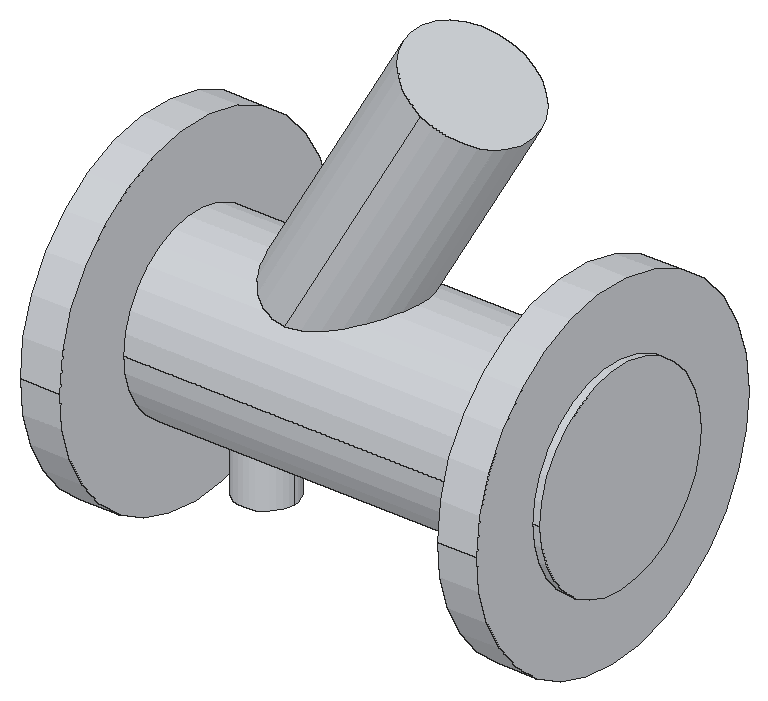
Revit family "HS 821-síto_standard-PN40-DN025-RFA_2019", category Pipe Accessories, Revit 2019
Family settings
  Round Connector Dimension = Use Diameter
  Part Type = Breaks Into
  Work Plane-Based = No
  Always vertical = Yes
  Cut with Voids When Loaded = No
  Shared = No
Parameters (values of type "821F-DN025-PN40-síto_standard")
  magiProductId = "504768023968471481789485b54c7e"
  magiProductFamilyId = "79214ac3aaa945e397802f559f5c1e"
  magiPartTypeId = 307
  isMeasuringValve [instance] = no
  ang2D [instance] = 0.00°
  ZB__ve = -ZB  # -19.25 mm
  ZB1 = 27.54 mm
  ZB = 19.25 mm
  X2 = 58.601 mm
  X1 = 22.4 mm
  W2D = 15 mm
  VersionID = "2.0/2017.9.26.1/ZETKAMA_821_001"
  Use Minimum Symbol Size [instance] = yes
  URL = "www.hydronic.cz"
  Type Comments = "Filtr přírubový; síto standardní; A-PN16 (-10~300°C); D-PN25 (-10~350°C); F-PN40 (-10~400°C)"
  S = 68 mm
  QmdConnectorList = "301;D;302;D"
  Productdata [instance] = ""
  Manufacturer = "Hydronic Systems Prague s.r.o."
  MC Product Code = "240 625 (821F; DN025; PN40; kvs14,7; oko síta 1,00mm)"
  LM1 = 12.8 mm
  LM = 128 mm
  L4 = 40 mm
  L2D_Min = 3048 mm
  L2D = 130 mm
  L2 = 80 mm
  HH2 = 101.5 mm
  FD = 115 mm
  Description = "Filtr přírubový; síto standardní; 821A-PN16; 821D-PN25; 821F-PN40"
  DM1 = 43.2 mm
  DM = 61.2 mm
  D = 25 mm
  CC = 2.72 mm
  CAT0 = yes
  C1 = 13.28 mm
  C = 16 mm
  BD = 19.278 mm
Types (40, lengths in mm): name | magiProductId | ZB__ve | ZB1 | ZB | X2 | X1 | S | MC Product Code | LM1 | LM | L4 | L2 | HH2 | FD | DM1 | DM | D | CC | C1 | C | BD
  821A-DN015-PN16-síto_standard | "a71bcfe8b393460598b23e8ddf7dc5" | -16.25 | 18.63 | 16.25 | 46.982 | 18.2 | 46 | "200 115 (821A; DN015; PN16; kvs6,3; oko síta 1,00mm)" | 10.4 | 104 | 32.5 | 65 | 81.375 | 95 | 27.6 | 41.4 | 15 | 2.21 | 10.79 | 13 | 13.041
  821A-DN020-PN16-síto_standard | "41cd6c7a12924f4991217528336076" | -17.75 | 22.68 | 17.75 | 51.673 | 21 | 56 | "200 120 (821A; DN020; PN16; kvs11,2; oko síta 1,00mm)" | 12 | 120 | 37.5 | 75 | 89.5 | 105 | 33.6 | 50.4 | 20 | 2.55 | 12.45 | 15 | 15.876
  821A-DN025-PN16-síto_standard | "be378b463ed14c3abf4c9b3ae8cf3a" | -19.25 | 26.325 | 19.25 | 58.601 | 22.4 | 65 | "200 125 (821A; DN025; PN16; kvs14,7; oko síta 1,00mm)" | 12.8 | 128 | 40 | 80 | 101.5 | 115 | 43.2 | 58.5 | 25 | 2.72 | 13.28 | 16 | 18.427
  821A-DN032-PN16-síto_standard | "227a0d18b21540afabe8b6067d35fa" | -23 | 30.78 | 23 | 68.849 | 25.2 | 76 | "200 132 (821A; DN032; PN16; kvs23,7; oko síta 1,00mm)" | 14.4 | 144 | 45 | 90 | 119.25 | 140 | 50.4 | 68.4 | 32 | 3.06 | 14.94 | 18 | 21.546
  821A-DN040-PN16-síto_standard | "d106917c74724141a10440112d0102" | -24.5 | 34.02 | 24.5 | 75.777 | 28 | 84 | "200 140 (821A; DN040; PN16; kvs37,7; oko síta 1,00mm)" | 16 | 160 | 50 | 100 | 131.25 | 150 | 60 | 75.6 | 40 | 3.4 | 16.6 | 20 | 23.814
  821A-DN050-PN16-síto_standard | "8255d456a09e4f6486734f5dd9171b" | -26.75 | 40.095 | 26.75 | 79.061 | 32.2 | 99 | "200 150 (821A; DN050 PN16; kvs57,9; oko síta 1,00mm)" | 18.4 | 184 | 57.5 | 115 | 136.938 | 165 | 73.8 | 89.1 | 50 | 3.91 | 19.09 | 23 | 28.066
  821A-DN065-PN16-síto_standard | "235b1b3e4c0843779a4d5e3716d40a" | -29.75 | 47.79 | 29.75 | 86.927 | 40.6 | 118 | "200 165 (821A; DN065; PN16; kvs101,5; oko síta 1,25mm)" | 23.2 | 232 | 72.5 | 145 | 150.562 | 185 | 94.2 | 106.2 | 65 | 4.93 | 24.07 | 29 | 33.453
  821A-DN080-PN16-síto_standard | "a067f7c5236348ed8c820d16df7214" | -32 | 53.46 | 32 | 104.753 | 43.4 | 132 | "200 180 (821A; DN080; PN16; kvs147,4; oko síta 1,25mm)" | 24.8 | 248 | 77.5 | 155 | 181.438 | 200 | 107.4 | 118.8 | 80 | 5.27 | 25.73 | 31 | 37.422
  821A-DN100-PN16-síto_standard | "c49a648c2747461285837d643703cd" | -35 | 63.18 | 35 | 114.857 | 49 | 156 | "200 190 (821A; DN100; PN16; kvs209,6; oko síta 1,60mm)" | 28 | 280 | 87.5 | 175 | 198.937 | 220 | 131.4 | 140.4 | 100 | 5.95 | 29.05 | 35 | 44.226
  821A-DN125-PN16-síto_standard | "bf68e728a163493cbd2a663b26ebdc" | -39.5 | 74.52 | 39.5 | 131.888 | 56 | 184 | "200 191 (821A; DN125; PN16; kvs326,2; oko síta 1,60mm)" | 32 | 320 | 100 | 200 | 228.438 | 250 | 165 | 165.6 | 125 | 6.8 | 33.2 | 40 | 52.164
  821A-DN150-PN16-síto_standard | "2de770284b654863ae6bc865769dc5" | -44.75 | 85.455 | 44.75 | 155.885 | 67.2 | 211 | "200 192 (821A; DN150; PN16; kvs403; oko síta 1,60mm)" | 38.4 | 384 | 120 | 240 | 270 | 285 | 192 | 189.9 | 150 | 8.16 | 39.84 | 48 | 59.818
  821A-DN200-PN16-síto_standard | "8e5693371ab64aabb29a7f08c76e15" | -53 | 107.73 | 53 | 188.361 | 84 | 266 | "200 193 (821A; DN200; PN16; kvs707; oko síta 1,60mm)" | 48 | 480 | 150 | 300 | 326.25 | 340 | 252 | 239.4 | 200 | 10.2 | 49.8 | 60 | 75.411
  821A-DN250-PN16-síto_standard | "05e37ed948c34047acdd4c42556504" | -62.75 | 129.195 | 62.75 | 255.911 | 102.2 | 319 | "200 194 (821A; DN250; PN16; kvs1234; oko síta 1,60mm)" | 58.4 | 584 | 182.5 | 365 | 443.25 | 405 | 309.6 | 287.1 | 250 | 12.41 | 60.59 | 73 | 90.436
  821A-DN300-PN16-síto_standard | "9ad0af747269428da925480d83ce80" | -71 | 149.85 | 71 | 325.914 | 119 | 370 | "200 195 (821A; DN300; PN16; kvs1916; oko síta 1,60mm)" | 68 | 680 | 212.5 | 425 | 564.5 | 460 | 369.6 | 333 | 300 | 14.45 | 70.55 | 85 | 104.895
  821A-DN350-PN16-síto_standard | "eebc71459bb3451bb4355e7951370a" | -80 | 173.745 | 80 | 356.875 | 137.2 | 429 | "200 196 (821A; DN350; PN16; kvs2621; oko síta 1,60mm)" | 78.4 | 784 | 245 | 490 | 618.125 | 520 | 438 | 386.1 | 350 | 16.66 | 81.34 | 98 | 121.621
  821A-DN400-PN16-síto_standard | "d2f677cb196647e385b2590e7d8abe" | -89 | 194.4 | 89 | 392.237 | 154 | 480 | "200 197 (821A; DN400; PN16; kvs3460; oko síta 1,60mm)" | 88 | 880 | 275 | 550 | 679.375 | 580 | 498 | 432 | 400 | 18.7 | 91.3 | 110 | 136.08
  821D-DN015-PN25-síto_standard | "27ddcbf555414f8ca1fde329bf9087" | -16.25 | 18.63 | 16.25 | 46.982 | 18.2 | 46 | "200 215 (821D; DN015; PN25; kvs6,3; oko síta 1,00mm)" | 10.4 | 104 | 32.5 | 65 | 81.375 | 95 | 27.6 | 41.4 | 15 | 2.21 | 10.79 | 13 | 13.041
  821D-DN020-PN25-síto_standard | "270e0f14012f47189cd0235c18faee" | -17.75 | 22.68 | 17.75 | 51.673 | 21 | 56 | "200 220 (821D; DN020; PN25; kvs11,2; oko síta 1,00mm)" | 12 | 120 | 37.5 | 75 | 89.5 | 105 | 33.6 | 50.4 | 20 | 2.55 | 12.45 | 15 | 15.876
  821D-DN025-PN25-síto_standard | "b9a7fb4aa36643878c637d8e1ab992" | -19.25 | 26.325 | 19.25 | 58.601 | 22.4 | 65 | "200 225 (821D; DN025; PN25; kvs14,7; oko síta 1,00mm)" | 12.8 | 128 | 40 | 80 | 101.5 | 115 | 43.2 | 58.5 | 25 | 2.72 | 13.28 | 16 | 18.427
  821D-DN032-PN25-síto_standard | "6be9a55c4e68400f94eec7e804204c" | -23 | 30.78 | 23 | 68.849 | 25.2 | 76 | "200 232 (821D; DN032; PN25; kvs23,7; oko síta 1,00mm)" | 14.4 | 144 | 45 | 90 | 119.25 | 140 | 50.4 | 68.4 | 32 | 3.06 | 14.94 | 18 | 21.546
  821D-DN040-PN25-síto_standard | "c54511bd7f584ec2984291479612cb" | -24.5 | 34.02 | 24.5 | 75.777 | 28 | 84 | "200 240 (821D; DN040; PN25; kvs37,7; oko síta 1,00mm)" | 16 | 160 | 50 | 100 | 131.25 | 150 | 60 | 75.6 | 40 | 3.4 | 16.6 | 20 | 23.814
  821D-DN050-PN25-síto_standard | "5483b1f596b04cd39b23a14a22c90e" | -26.75 | 40.095 | 26.75 | 79.061 | 32.2 | 99 | "200 250 (821D; DN050; PN25; kvs57,9; oko síta 1,00mm)" | 18.4 | 184 | 57.5 | 115 | 136.938 | 165 | 73.8 | 89.1 | 50 | 3.91 | 19.09 | 23 | 28.066
  821D-DN065-PN25-síto_standard | "767b0f8318e94750bc7a9930ed5b30" | -29.75 | 47.79 | 29.75 | 86.927 | 40.6 | 118 | "200 265 (821D; DN065; PN25; kvs101,5; oko síta 1,25mm)" | 23.2 | 232 | 72.5 | 145 | 150.562 | 185 | 94.2 | 106.2 | 65 | 4.93 | 24.07 | 29 | 33.453
  821D-DN080-PN25-síto_standard | "e21040fa3cc2404b858198f6b73709" | -32 | 53.46 | 32 | 104.753 | 43.4 | 132 | "200 280 (821D; DN080; PN25; kvs147,4; oko síta 1,25mm)" | 24.8 | 248 | 77.5 | 155 | 181.438 | 200 | 107.4 | 118.8 | 80 | 5.27 | 25.73 | 31 | 37.422
  821D-DN100-PN25-síto_standard | "175ca87a506b40b3bc6b82f12f33cf" | -37.25 | 63.18 | 37.25 | 114.857 | 49 | 156 | "200 290 (821D; DN100; PN25; kvs209,6; oko síta 1,60mm)" | 28 | 280 | 87.5 | 175 | 198.937 | 235 | 131.4 | 140.4 | 100 | 5.95 | 29.05 | 35 | 44.226
  821D-DN125-PN25-síto_standard | "77cc98d60da24855999a22dff726b2" | -42.5 | 74.52 | 42.5 | 131.888 | 56 | 184 | "200 291 (821D; DN125; PN25; kvs326,2; oko síta 1,60mm)" | 32 | 320 | 100 | 200 | 228.438 | 270 | 165 | 165.6 | 125 | 6.8 | 33.2 | 40 | 52.164
  821D-DN150-PN25-síto_standard | "9cf8acfcd15547d68e83172d3abcbe" | -47 | 85.455 | 47 | 155.885 | 67.2 | 211 | "200 292 (821D; DN150; PN25; kvs403; oko síta 1,60mm)" | 38.4 | 384 | 120 | 240 | 270 | 300 | 192 | 189.9 | 150 | 8.16 | 39.84 | 48 | 59.818
  821D-DN200-PN25-síto_standard | "16973f3c9ea14389ba8602495a6b64" | -56 | 110.97 | 56 | 188.361 | 84 | 274 | "200 293 (821D; DN200; PN25; kvs707; oko síta 1,60mm)" | 48 | 480 | 150 | 300 | 326.25 | 360 | 252 | 246.6 | 200 | 10.2 | 49.8 | 60 | 77.679
  821F-DN015-PN40-síto_standard | "4c7eaf3c4c0340888b3e684d8a8616" | -16.25 | 18.225 | 16.25 | 46.982 | 18.2 | 45 | "240 615 (821F; DN015; PN40; kvs6,3; oko síta 1,00mm)" | 10.4 | 104 | 32.5 | 65 | 81.375 | 95 | 27.6 | 40.5 | 15 | 2.21 | 10.79 | 13 | 12.757
  821F-DN020-PN40-síto_standard | "aaac5f1ec96b44d6ba96ac2293d66d" | -17.75 | 23.49 | 17.75 | 51.673 | 21 | 58 | "240 620 (821F; DN020; PN40; kvs11,2; oko síta 1,00mm)" | 12 | 120 | 37.5 | 75 | 89.5 | 105 | 33.6 | 52.2 | 20 | 2.55 | 12.45 | 15 | 16.443
  821F-DN025-PN40-síto_standard | "504768023968471481789485b54c7e" | -19.25 | 27.54 | 19.25 | 58.601 | 22.4 | 68 | "240 625 (821F; DN025; PN40; kvs14,7; oko síta 1,00mm)" | 12.8 | 128 | 40 | 80 | 101.5 | 115 | 43.2 | 61.2 | 25 | 2.72 | 13.28 | 16 | 19.278
  821F-DN032-PN40-síto_standard | "165e7f39cf744f329bdf1c400dad12" | -23 | 31.59 | 23 | 68.849 | 25.2 | 78 | "240 632 (821F; DN032; PN40; kvs23,7; oko síta 1,00mm)" | 14.4 | 144 | 45 | 90 | 119.25 | 140 | 50.4 | 70.2 | 32 | 3.06 | 14.94 | 18 | 22.113
  821F-DN040-PN40-síto_standard | "b8903f952089408fbf3a5a632bab1f" | -24.5 | 35.64 | 24.5 | 75.777 | 28 | 88 | "240 640 (821F; DN040; PN40; kvs37,7; oko síta 1,00mm)" | 16 | 160 | 50 | 100 | 131.25 | 150 | 60 | 79.2 | 40 | 3.4 | 16.6 | 20 | 24.948
  821F-DN050-PN40-síto_standard | "c451f97266fe48da8f879cb6a2bd44" | -26.75 | 41.31 | 26.75 | 79.061 | 32.2 | 102 | "240 650 (821F; DN050; PN40; kvs57,9; oko síta 1,00mm)" | 18.4 | 184 | 57.5 | 115 | 136.938 | 165 | 73.8 | 91.8 | 50 | 3.91 | 19.09 | 23 | 28.917
  821F-DN065-PN40-síto_standard | "dc9821e3f9b34e128f6a8c6b34c198" | -29.75 | 49.41 | 29.75 | 86.927 | 40.6 | 122 | "240 665 (821F; DN065; PN40; kvs101,5; oko síta 1,25mm)" | 23.2 | 232 | 72.5 | 145 | 150.562 | 185 | 94.2 | 109.8 | 65 | 4.93 | 24.07 | 29 | 34.587
  821F-DN080-PN40-síto_standard | "689aa1e260f84cf4994f027a1d86b5" | -32 | 55.89 | 32 | 104.753 | 43.4 | 138 | "240 680 (821F; DN080; PN40; kvs147,4; oko síta 1,25mm)" | 24.8 | 248 | 77.5 | 155 | 181.438 | 200 | 107.4 | 124.2 | 80 | 5.27 | 25.73 | 31 | 39.123
  821F-DN100-PN40-síto_standard | "8a45d4e8e2ab425f8c432f21d684f3" | -37.25 | 65.61 | 37.25 | 114.857 | 49 | 162 | "240 690 (821F; DN100; PN40; kvs209,6; oko síta 1,6mm)" | 28 | 280 | 87.5 | 175 | 198.937 | 235 | 131.4 | 145.8 | 100 | 5.95 | 29.05 | 35 | 45.927
  821F-DN125-PN40-síto_standard | "cf073904c006406b8645afa67ea2fc" | -42.5 | 76.14 | 42.5 | 131.888 | 56 | 188 | "240 691 (821F; DN125; PN40; kvs326,2; oko síta 1,6mm)" | 32 | 320 | 100 | 200 | 228.438 | 270 | 165 | 169.2 | 125 | 6.8 | 33.2 | 40 | 53.298
  821F-DN150-PN40-síto_standard | "0153b9ddabe14992a630484929fdbc" | -47 | 88.29 | 47 | 155.885 | 67.2 | 218 | "240 692 (821F; DN150; PN40; kvs403; oko síta 1,6mm)" | 38.4 | 384 | 120 | 240 | 270 | 300 | 192 | 196.2 | 150 | 8.16 | 39.84 | 48 | 61.803
  821F-DN200-PN40-síto_standard | "7fb3fc01dd8d42428c203e3f8dd4d5" | -56 | 115.425 | 56 | 188.361 | 84 | 285 | "240 693 (821F; DN200; PN40; kvs707; oko síta 1,6mm)" | 48 | 480 | 150 | 300 | 326.25 | 360 | 252 | 256.5 | 200 | 10.2 | 49.8 | 60 | 80.797
Reference planes
  plane 1 "Center (Front/Back)": y = 0
  plane 2 "XYPLANE": z = 0
  plane 3 "Center (Left/Right)": x = 0
  plane 4 "109": x = -51.2
  plane 5 "108": x = 64
  plane 6 "107": x = -64
  plane 7 "105": x = 80
  plane 8 "104": x = -80
  plane 9 "103": y = 0
  plane 10 "102": z = 0
  plane 11 "101": x = -77.28
  plane 12 "100": x = 77.28
  plane 13 "11": x = -28.8
  plane 14 "10": z = 101.5
  plane 15 "9": x = 29.801
  plane 16 "5": z = -27.54
  plane 17 "4": x = -40
  plane 18 "1": x = 40
Forms (mm)
  Extrusion 1, solid, visible <- "CAT0"
    sketch origin (-64, -750, 0) x (0, 1, 0) y (0, 0, 1)
      loop
        circle (750, 0) r 30.6
    from 0 to 128 <- "LM"
  Extrusion 2, solid
    sketch origin (-80, -750, 0) x (0, 1, 0) y (0, 0, 1)
      loop
        circle (750, 0) r 34
    from 0 to 2.72 <- "CC"
  Extrusion 3, solid
    sketch origin (-77.28, -750, 0) x (0, 1, 0) y (0, 0, 1)
      loop
        circle (750, 0) r 57.5
    from 0 to 13.28 <- "C1"
  Extrusion 4, solid
    sketch origin (64, -750, 0) x (0, 1, 0) y (0, 0, 1)
      loop
        circle (750, 0) r 57.5
    from 0 to 13.28 <- "C1"
  Extrusion 5, solid
    sketch origin (77.28, -750, 0) x (0, 1, 0) y (0, 0, 1)
      loop
        circle (750, 0) r 34
    from 0 to 2.72 <- "CC"
  Sweep 6, solid, visible <- "CAT0"
    path origin (750, 0, 0) x (-1, 0, 0) y (0, 0, 1)
      loop
        line (814, 0) -> (778.8, 0) -> (720.199, 101.5)
    profile origin (-64, 0, 0) x (0, 0, -1) y (0, 1, 0)
      loop
        circle (0, 0) r 21.6
  Extrusion 7, solid, visible <- "CAT0"
    sketch origin (-750, 0, -27.54) x (1, 0, 0) y (0, 1, 0)
      loop
        circle (710, 0) r 9.639
    from 0 to -19.25 <- "ZB__ve"
  Extrusion 8, solid, visible <- "CAT0"
    sketch origin (-750, 0, -27.54) x (1, 0, 0) y (0, 1, 0)
      loop
        circle (790, 0) r 9.639
    from 0 to -19.25 <- "ZB__ve"
  Extrusion 9, solid, not visible
    sketch origin (80, -750, 0) x (0, 1, 0) y (0, 0, 1)
      loop
        circle (750, 0) r 10
    from 0 to -10
  Extrusion 10, solid, not visible
    sketch origin (-80, -750, 0) x (0, 1, 0) y (0, 0, 1)
      loop
        circle (750, 0) r 10
    from 0 to 10
Lines and regions (mm)
  reference lines, not visible
    curve 1: circle (2, 2, 0) r 1 normal (0, 0, 1)
Dimensions and locks
  plane 1 "Center (Front/Back)" to curve 1 = 2 mm
  "LM1": plane 6 "107" to plane 4 "109"
  "LM": plane 6 "107" to plane 5 "108"
  "C": plane 8 "104" to plane 6 "107"
  "L2": plane 3 "Center (Left/Right)" to plane 7 "105"
  "L2": plane 3 "Center (Left/Right)" to plane 8 "104"
  locked: plane 1 "Center (Front/Back)" to plane 9 "103"
  locked: plane 2 "XYPLANE" to plane 10 "102"
  "CC": plane 8 "104" to plane 11 "101"
  "C1": plane 5 "108" to plane 12 "100"
  "X1": plane 4 "109" to plane 13 "11"
  "HH2": plane 2 "XYPLANE" to plane 14 "10"
  "X2": plane 13 "11" to plane 15 "9"
  "ZB1": plane 2 "XYPLANE" to plane 16 "5"
  "L4": plane 8 "104" to plane 17 "4"
  "L2": plane 17 "4" to plane 18 "1"
  Sweep 6 sketch curve to Sweep 6 sketch curve = 0 mm  (x2)
  "DM": diameter of Extrusion 1 sketch curve
  "S": diameter of Extrusion 2 sketch curve
  "FD": diameter of Extrusion 3 sketch curve
  "FD": diameter of Extrusion 4 sketch curve
  "S": diameter of Extrusion 5 sketch curve
  "DM1": diameter of Sweep 6 sketch curve
  "BD": diameter of Extrusion 7 sketch curve
  "BD": diameter of Extrusion 8 sketch curve
  aligned and locked: level to plane 2 "XYPLANE"
  aligned and locked: Extrusion 1 sketch curve to plane 9 "103"
  aligned and locked: plane 10 "102" to Extrusion 1 sketch curve
  aligned and locked: Extrusion 2 sketch curve to plane 9 "103"
  aligned and locked: plane 10 "102" to Extrusion 2 sketch curve
  aligned and locked: Extrusion 3 sketch curve to plane 9 "103"
  aligned and locked: plane 10 "102" to Extrusion 3 sketch curve
  aligned and locked: Extrusion 4 sketch curve to plane 9 "103"
  aligned and locked: plane 10 "102" to Extrusion 4 sketch curve
  aligned and locked: Extrusion 5 sketch curve to plane 9 "103"
  aligned and locked: plane 10 "102" to Extrusion 5 sketch curve
  aligned and locked: Sweep 6 sketch curve to plane 9 "103"
  aligned and locked: plane 10 "102" to Sweep 6 sketch curve  (x3)
  aligned and locked: plane 6 "107" to Sweep 6 sketch curve
  aligned and locked: plane 13 "11" to Sweep 6 sketch curve
  aligned and locked: plane 14 "10" to Sweep 6 sketch curve
  aligned and locked: plane 15 "9" to Sweep 6 sketch curve
  aligned and locked: plane 9 "103" to Extrusion 7 sketch curve
  aligned and locked: plane 17 "4" to Extrusion 7 sketch curve
  aligned and locked: plane 9 "103" to Extrusion 8 sketch curve
  aligned and locked: plane 18 "1" to Extrusion 8 sketch curve
  aligned and locked: Extrusion 9 sketch curve to plane 9 "103"
  aligned and locked: plane 10 "102" to Extrusion 9 sketch curve
  aligned and locked: Extrusion 10 sketch curve to plane 9 "103"
  aligned and locked: plane 10 "102" to Extrusion 10 sketch curve
Automatic sketch dimensions
  plane 1 "Center (Front/Back)" to Extrusion 9 sketch curve = 10 mm
  plane 1 "Center (Front/Back)" to Extrusion 10 sketch curve = 10 mm
  plane 3 "Center (Left/Right)" to curve 1 = 2 mm
  radius of curve 1 = 1 mm
Connectors
  piping at (-80, 0, 0), diameter 25, driven by "D"
    settings: on Extrusion 10, index 1, connector inside diameter 609.6 mm, connector length 0 mm, flow factor 0, pipe flow 0.0 L/s, pressure drop 0.0 Pa, fitting loss kfactor 0, connector angle 0.00°, fixture units 0, engagement length 0 mm, angle of deflection 0.00°, flow configuration 0, flow direction 0, fitting loss method 0, system type 29, joint type 0, gender type 0, connector reference index 2, connector utility 0, adjustable connector no, is connector primary yes, connector description ""
  piping at (80, 0, 0), diameter 25, driven by "D"
    settings: on Extrusion 9, index 2, connector inside diameter 609.6 mm, connector length 0 mm, flow factor 0, pipe flow 0.0 L/s, pressure drop 0.0 Pa, fitting loss kfactor 0, connector angle 0.00°, fixture units 0, engagement length 0 mm, angle of deflection 0.00°, flow configuration 0, flow direction 0, fitting loss method 0, system type 29, joint type 0, gender type 0, connector reference index 1, connector utility 0, adjustable connector no, is connector primary no, connector description ""
